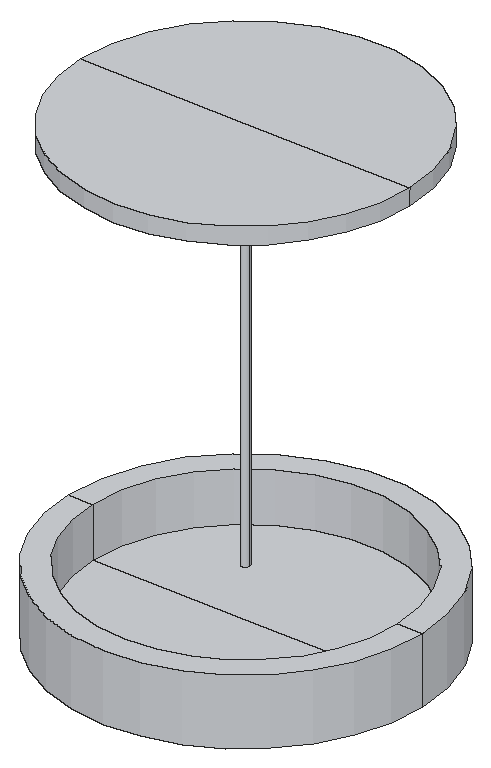
Revit family "Alcon-12182-P-5-Revit-Family", category Lighting Fixtures, host Ceiling, Revit 2021
Family settings
  Host = Ceiling
  Round Connector Dimension = Use Diameter
  Part Type = Normal
  Always vertical = Yes
  Cut with Voids When Loaded = No
  Light Source = Yes
  Shared = No
  Room Calculation Point = No
Parameters
  Wattage = 9.2903 W
  built-in parameter 1150110 = 1 (stored number, unit not read)
  built-in parameter 1114217 = 1 (stored number, unit not read)
  built-in parameter 1150109 = 1 (stored number, unit not read)
  built-in parameter 1150134 = 3
  built-in parameter 1150113 = 1 (stored number, unit not read)
  Product Identity = "Alcon Lighting 12182-P-5"
  Manufacturer = "Alcon Light"
  built-in parameter 1150105 = 439.27 (stored number, unit not read)
  Lumens = 1380 lm
  built-in parameter 1150115 = 1 (stored number, unit not read)
  Link To Product Page = "https://www.alconlighting.com/12182-p-5-disk-round-pendant.html"
  Light Source Symbol Size = 0' - 5"
  built-in parameter 1150137 = (empty or 0)
  built-in parameter 1150139 = (empty or 0)
  Lens = none
  built-in parameter 1150112 = 1 (stored number, unit not read)
  built-in parameter 1150114 = 1 (stored number, unit not read)
  built-in parameter 1150132 = (empty or 0)
  built-in parameter 1150102 = (empty or 0)
  built-in parameter 1150107 = 3200 (stored number, unit not read)
  built-in parameter 1150138 = (empty or 0)
  built-in parameter 1150106 = 4.3927 (stored number, unit not read)
  Housing = none
  Height = 0' - 6"
  Emit from Circle Diameter = 0' - 5"
  Emit Shape Visible in Rendering = no
  built-in parameter 1150104 = 13.8 (stored number, unit not read)
  Dimming Lamp Color Temperature Shift = (empty or 0)
  Default Elevation = 0' - 0"
  Color Filter = 16777215
  built-in parameter 1114218 = 1 (stored number, unit not read)
  built-in parameter 1150133 = 10 (stored number, unit not read)
Reference planes (in)
  plane 1 "Center (Front/Back)": y = 0
  plane 2 "Ceiling": z = 96
  plane 3 "Center (Left/Right)": x = 0
Forms (in)
  Revolve 1, solid, material <- "Lens"
    sketch origin (0, 0, -6) x (1, 0, 0) y (0, 0, 1)
      loop
        line (0, 95.25) -> (0, 95) -> (2.31441, 95) -> (2.31441, 95.25) -> (0, 95.25)
      axis (0, 95) -> (0, 95.25)
    angle from 0 to 360
  Revolve 2, solid, material <- "Housing"
    sketch origin (0, 0, -6) x (1, 0, 0) y (0, 0, 1)
      loop
        line (2.6875, 96) -> (2.31441, 96) -> (2.31441, 95) -> (2.6875, 95) -> (2.6875, 96)
      axis (0, 95) -> (0, 96)
    angle from 0 to 360
  Revolve 3, solid, material <- "Housing"
    sketch origin (0, 0, 0) x (1, 0, 0) y (0, 0, 1)
      loop
        line (0, 96) -> (0, 90) -> (0.06066, 90) -> (0.06066, 95.37025) -> (0.15257, 95.37025) -> (0.15257, 95.75) -> (2.5, 95.75) -> (2.5, 96) -> (0, 96)
      axis (0, 90) -> (0, 96)
    angle from 0 to 360
Dimensions and locks (in)
  equal spacing: host sketch curve, plane 3 "Center (Left/Right)", host sketch curve
  equal spacing: host sketch curve, plane 1 "Center (Front/Back)", host sketch curve
  host sketch curve to host sketch curve = 10' - 0"  (x2)
  "Height": plane 2 "Ceiling" to Revolve 2
  locked: Revolve 1 sketch curve to Revolve 1 sketch curve at 0.25
  aligned and locked: imposter light to Revolve 2
  aligned and locked: Revolve 2 to Revolve 1
  aligned and locked: Revolve 2 to Revolve 3
Automatic sketch dimensions
  plane 3 "Center (Left/Right)" to Revolve 2 sketch curve = 0' - 2.31441"
  Revolve 2 sketch curve to Revolve 2 sketch curve = 0' - 0.37309"
  Revolve 2 sketch curve to plane 2 "Ceiling" = 0' - 7"
  Revolve 2 sketch curve to Revolve 2 sketch curve = 0' - 1"
  Revolve 2 sketch curve to Revolve 2 sketch curve = 0' - 2.31441"
  Revolve 2 sketch curve to Revolve 2 sketch curve = 0' - 0"
  Revolve 2 sketch curve to Revolve 2 sketch curve = 0' - 0 3/4"
  Revolve 3 sketch curve to plane 2 "Ceiling" = 0' - 0"  (x2)
  Revolve 3 sketch curve to plane 3 "Center (Left/Right)" = 0' - 0"  (x2)
  plane 3 "Center (Left/Right)" to Revolve 3 sketch curve = 0' - 2 1/2"
  plane 3 "Center (Left/Right)" to Revolve 3 sketch curve = 0' - 0.06066"
  Revolve 3 sketch curve to Revolve 3 sketch curve = 0' - 0.09191"
  Revolve 3 sketch curve to plane 2 "Ceiling" = 0' - 0 1/4"
  Revolve 3 sketch curve to Revolve 3 sketch curve = 0' - 0.37975"
  Revolve 3 sketch curve to Revolve 3 sketch curve = 0' - 5.37025"
  Revolve 3 sketch curve to Revolve 3 sketch curve = 0' - 0 1/2"
  plane 3 "Center (Left/Right)" to Revolve 1 sketch curve = 0' - 0"
  Revolve 1 sketch curve to Revolve 1 sketch curve = 0' - 2.31441"
  Revolve 1 sketch curve to plane 2 "Ceiling" = 0' - 7"
  Revolve 1 sketch curve to Revolve 1 sketch curve = 0' - 0"
  Revolve 1 sketch curve to Revolve 1 sketch curve = 0' - 0 1/4"
  Revolve 1 sketch curve to Revolve 1 sketch curve = 0' - 0 3/4"
